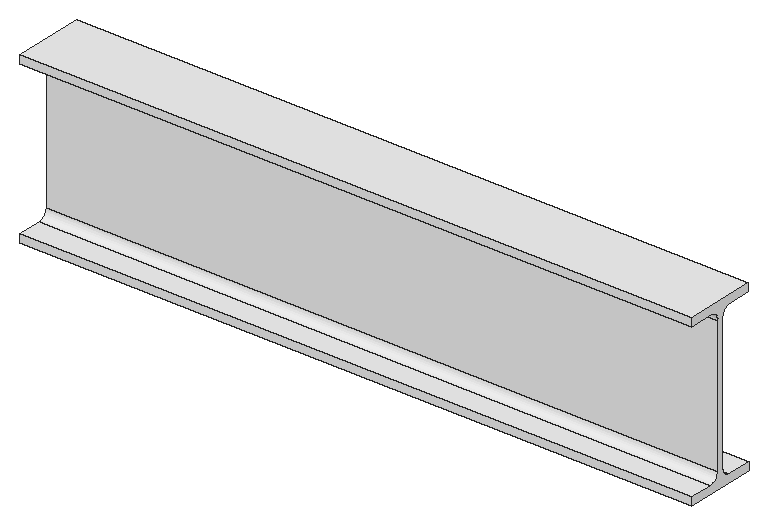
Revit family
Parameters (values of type "S310X52")
  Start Extension Calculation [instance] = 3012.5 mm + Start Extension  # 3000 mm
  Start Extension [instance] = -12.5 mm
  End Extension Calculation [instance] = 3012.5 mm + End Extension  # 3000 mm
  End Extension [instance] = -12.5 mm
  Beam Material [instance] = Metal - Steel - 345 MPa
  Assembly Code = ""
  A = 0.007 m²
  Length [instance] = 1500 mm
  W = 0.50995
  bf = 129 mm
  d = 305 mm
  k = 29.7 mm
  kr = k - tf  # 15.9 mm
  tf = 13.8 mm
  tw = 10.9 mm
Reference planes
  plane 1 "Center (Front/Back)": y = 0
  plane 2: z = 0
  plane 3 "Center (Left/Right)": x = 4.61
  plane 4 "Member Left": x = -604.99
  plane 5 "Member Right": x = 614.21
  plane 6: y = 64.5
  plane 7: y = -64.5
  plane 8 "Top": z = 152.5
  plane 9: z = -152.5
  plane 10 "Right": x = 766.61
  plane 11 "Left": x = -733.39
  plane 12: x = -604.99
  plane 13: x = 614.21
  plane 14: x = 2395.01
  plane 15: x = -2385.79
Forms (mm)
  Sweep 1, solid, material "Metal - Steel - 345 MPa" <- "Beam Material", detail levels fine
    path origin (0, 0, 0) x (1, 0, 0) y (0, 1, 0)
      loop
        line (614.21, 0) -> (-604.99, 0)
    profile "M_HP-Bearing Pile-Profile-Fine : M_HP-Bearing Pile-Profile-Fine" origin (4.61, 0, 0) x (0, -1, 0) y (0, 0, 1)
      loop
        line (-64.5, -152.5) -> (64.5, -152.5) -> (64.5, -138.7) -> (21.35, -138.7)
        arc (21.35, -138.7) -> (10.107, -134.043) -> (5.45, -122.8) r 15.9
        line (5.45, -122.8) -> (5.45, 122.8)
        arc (5.45, 122.8) -> (10.107, 134.043) -> (21.35, 138.7) r 15.9
        line (21.35, 138.7) -> (64.5, 138.7) -> (64.5, 152.5) -> (-64.5, 152.5) -> (-64.5, 138.7) -> (-21.35, 138.7)
        arc (-21.35, 138.7) -> (-10.107, 134.043) -> (-5.45, 122.8) r 15.9
        line (-5.45, 122.8) -> (-5.45, -122.8)
        arc (-5.45, -122.8) -> (-10.107, -134.043) -> (-21.35, -138.7) r 15.9
        line (-21.35, -138.7) -> (-64.5, -138.7) -> (-64.5, -152.5)
  Sweep 2, solid, material "Metal - Steel - 345 MPa" <- "Beam Material", detail levels medium
    path origin (0, 0, 0) x (1, 0, 0) y (0, 1, 0)
      loop
        line (614.21, 0) -> (-604.99, 0)
    profile "M_HP-Bearing Pile-Profile-Medium : M_HP-Bearing Pile-Profile-Medium" origin (4.61, 0, 0) x (0, -1, 0) y (0, 0, 1)
      loop
        line (-64.5, -152.5) -> (64.5, -152.5) -> (64.5, -138.7) -> (5.45, -138.7) -> (5.45, 138.7) -> (64.5, 138.7) -> (64.5, 152.5) -> (-64.5, 152.5) -> (-64.5, 138.7) -> (-5.45, 138.7) -> (-5.45, -138.7) -> (-64.5, -138.7) -> (-64.5, -152.5)
Lines and regions (mm)
  symbolic lines, style "Hidden Faces", detail levels medium+fine
    curve 1: line (614.21, -6.5, 0) -> (-604.99, -6.5, 0)
    curve 2: line (614.21, 6.5, 0) -> (-604.99, 6.5, 0)
  symbolic lines, style "Stick Symbols", detail levels coarse
    curve 3: line (4.61, 64.5, 152.5) -> (4.61, -64.5, 152.5)
    curve 4: line (4.61, -64.5, -152.5) -> (4.61, 64.5, -152.5)
    curve 5: line (4.61, 0, -152.5) -> (4.61, 0, 152.5)
Dimensions and locks
  "bf": plane 6 to plane 7
  "d": plane 9 to plane 8 "Top"
  equal spacing: plane 9, plane 2, plane 8 "Top"
  equal spacing: plane 6, plane 1 "Center (Front/Back)", plane 7
  "Length": plane 11 "Left" to plane 10 "Right"
  locked: plane 4 "Member Left" to plane 14 at 3000
  locked: plane 15 to plane 5 "Member Right" at 3000
  "Start Extension Calculation": plane 12 to plane 14
  "End Extension Calculation": plane 15 to plane 13
  aligned and locked: Sweep 1 sketch curve to plane 1 "Center (Front/Back)"
  aligned and locked: Sweep 2 sketch curve to plane 1 "Center (Front/Back)"
  aligned and locked: Sweep 2 to curve 3  (x2)
  aligned and locked: Sweep 2 to curve 4  (x2)
  aligned and locked: curve 3 to Sweep 2
  aligned and locked: curve 4 to Sweep 2
  aligned and locked: plane 12 to Sweep 2 sketch curve
  aligned and locked: plane 13 to Sweep 2 sketch curve
  aligned and locked: plane 12 to Sweep 1 sketch curve
  aligned and locked: plane 13 to Sweep 1 sketch curve
  aligned and locked: plane 12 to curve 1
  aligned and locked: plane 12 to curve 2
  aligned and locked: plane 13 to curve 1
  aligned and locked: plane 13 to curve 2
Automatic sketch dimensions
  plane 1 "Center (Front/Back)" to curve 1 = 6.5 mm
  curve 2 to plane 1 "Center (Front/Back)" = 6.5 mm
  curve 5 to plane 1 "Center (Front/Back)" = 0 mm
